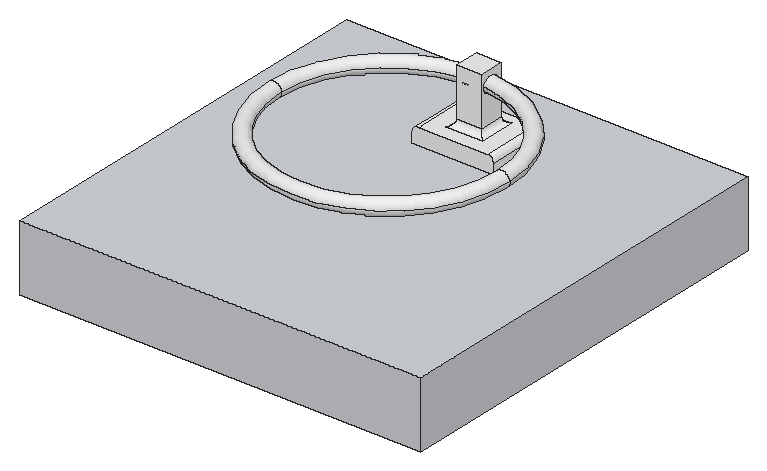
Revit family
Parameters (values of type "934")
  Width = 6.000"
  Warranty Information = "Complete Unit 1 Year Warranty. This Warranty does not cover installation or any other labor charges and does not apply to any units which have been damaged by abuse, improper installation, imporper maintanence, or altered in any way."
  Version = "1.0"
  Unit Material = Metal - Bradley Corp - Chrome
  URL = "http://www.bradleycorp.com/"
  Type Comments = ""
  Technical Data = "n/a"
  Percentage of Recycled Content = 0
  OmniClass Title = "Towel Bars"
  OmniClass Code = "23.31. 25.25"
  Modeling Code = "n/a"
  Model = "934"
  Material Note = "n/a"
  Material = "ZAMAC "
  MasterFormat Title = "Toilet, Bath, and Laundry Accessories "
  MasterFormat Number = "10 28 00  "
  Manufacturer = "Bradley Corporation"
  Low Emitting Material = no
  LEED Credit = ""
  Installation Type = "Wall Mounted"
  Industry Standards = "n/a"
  Height = 6.000"
  Fire Rating = "n/a"
  Description = "Towel Ring with Chrome-Plated Ring"
  Depth = 1.750"
  Default Elevation = 48.000"
  Copyright = "This Model is Property of Bradley Corporation"
  Complies to NAFTA = "n/a"
  Buy American Act = "To Be Determined"
  Assembly Code = "C1030200"
  ADA Compliant = "No"
Reference planes (in)
  plane 1 "Center (Front/Back)": y = 0
  plane 2: z = 0
  plane 3 "Center (Left/Right)": x = 0
  plane 4 "Top": y = 3
  plane 5 "Bottom": y = -3
  plane 6 "Left": x = -3
  plane 7 "Right": x = 3
  plane 8 "Front": z = 1.75
Forms (in)
  Extrusion 1, solid
    sketch origin (0, 0, 0) x (1, 0, 0) y (0, 1, 0)
      loop
        line (-5, 5) -> (-5, -5.07871) -> (4.86411, -5.07871) -> (4.86411, 5) -> (-5, 5)
    from 0 to -1.63994
  Extrusion 2, solid, material "Metal - Bradley Corp - Chrome" <- "Unit Material", detail levels fine
    sketch origin (0.00122, 2.5, 0) x (1, 0, 0) y (0, 0, 1)
      loop
        line (-1, 0) -> (1, 0) -> (1, 0.25)
        arc (1, 0.25) -> (0.95607, 0.35607) -> (0.85, 0.4) r 0.15
        line (0.85, 0.4) -> (-0.85, 0.4)
        arc (-0.85, 0.4) -> (-0.95607, 0.35607) -> (-1, 0.25) r 0.15
        line (-1, 0.25) -> (-1, 0)
    from -1 to 0.5
  Extrusion 3, solid, material "Metal - Bradley Corp - Chrome" <- "Unit Material", detail levels coarse+medium
    sketch origin (0.00122, 3, 0) x (1, 0, 0) y (0, 0, 1)
      loop
        line (1, 0) -> (1, 0.4) -> (-1, 0.4) -> (-1, 0) -> (1, 0)
    from -0.5 to 1
  Sweep 4, solid, material "Metal - Bradley Corp - Chrome" <- "Unit Material", detail levels fine
    path origin (0, 0, 0) x (1, 0, 0) y (0, 1, 0)
      loop
        circle (0, 0) r 3
    profile origin (0, 3, 0) x (0, -1, 0) y (0, 0, 1)
      loop
        circle (0.1875, 1.42157) r 0.1875
  Extrusion 5, solid, material "Metal - Bradley Corp - Chrome" <- "Unit Material", detail levels fine
    sketch origin (0, 0, 0) x (0, 1, 0) y (0, 0, 1)
      loop
        line (3.11173, 1.75) -> (2.51173, 1.75) -> (2.51173, 0.55)
        arc (2.51173, 0.55) -> (2.4678, 0.44393) -> (2.36173, 0.4) r 0.15
        line (2.36173, 0.4) -> (3.26173, 0.4)
        arc (3.26173, 0.4) -> (3.15567, 0.44393) -> (3.11173, 0.55) r 0.15
        line (3.11173, 0.55) -> (3.11173, 1.75)
      loop
        line (2.81173, 1.60901) -> (2.73687, 1.60901)
        arc (2.73687, 1.60901) -> (2.54938, 1.42025) -> (2.73939, 1.23402) r 0.1875
        line (2.73939, 1.23402) -> (2.81425, 1.23402)
        arc (2.81425, 1.23402) -> (2.99923, 1.42276) -> (2.81173, 1.60901) r 0.1875
    from -0.45 to 0.45
  Extrusion 6, void
    sketch origin (0, 0, 0) x (1, 0, 0) y (0, 0, 1)
      loop
        arc (0.3, 0.55) -> (0.34393, 0.44393) -> (0.45, 0.4) r 0.15
        line (0.45, 0.4) -> (1.00122, 0.4) -> (1.00122, 2.3574) -> (-0.99878, 2.3574) -> (-0.99878, 0.4) -> (-0.45, 0.4)
        arc (-0.45, 0.4) -> (-0.34393, 0.44393) -> (-0.3, 0.55) r 0.15
        line (-0.3, 0.55) -> (-0.3, 2.0043) -> (0.3, 2.0043) -> (0.3, 0.55)
    from -3.5 to -2
  Extrusion 7, solid, material "Metal - Bradley Corp - Chrome" <- "Unit Material", detail levels coarse+medium
    sketch origin (0, 0, 0) x (0, 1, 0) y (0, 0, 1)
      loop
        line (2.51173, 1.75) -> (2.51173, 0.4) -> (3.11118, 0.4) -> (3.11118, 1.75) -> (2.51173, 1.75)
    from -0.3 to 0.3
  Extrusion 8, solid, material "Metal - Bradley Corp - Chrome" <- "Unit Material", detail levels coarse+medium
    sketch origin (0, 0, 0) x (1, 0, 0) y (0, 1, 0)
      loop
        circle (0, 0) r 3
      loop
        circle (0, 0) r 2.63289
    from 1.23402 to 1.60901
Cuts and joins
  Extrusion 6 cuts Extrusion 5
Dimensions and locks (in)
  equal spacing: plane 4 "Top", plane 1 "Center (Front/Back)", plane 5 "Bottom"
  "Height": plane 4 "Top" to plane 5 "Bottom"
  equal spacing: plane 7 "Right", plane 3 "Center (Left/Right)", plane 6 "Left"
  "Width": plane 7 "Right" to plane 6 "Left"
  "Depth": plane 8 "Front" to plane 2
  aligned and locked: plane 2 to Extrusion 1
  aligned and locked: level to Extrusion 1
Automatic sketch dimensions
  Extrusion 1 sketch curve to Extrusion 1 sketch curve = 9.86411"
  Extrusion 1 sketch curve to Extrusion 1 sketch curve = 10.07871"
  Extrusion 2 sketch curve to level = 0.000"
  level to Extrusion 2 sketch curve = 0.250"  (x2)
  Extrusion 2 sketch curve to plane 3 "Center (Left/Right)" = 0.99878"
  Extrusion 2 sketch curve to Extrusion 2 sketch curve = 0.150"
  plane 3 "Center (Left/Right)" to Extrusion 2 sketch curve = 0.85122"
  Extrusion 3 sketch curve to level = 0.000"
  Extrusion 3 sketch curve to plane 3 "Center (Left/Right)" = 0.99878"
  level to Extrusion 3 sketch curve = 0.400"
  plane 3 "Center (Left/Right)" to Extrusion 3 sketch curve = 1.00122"
  Sweep 4 sketch curve to plane 1 "Center (Front/Back)" = 0.000"
  Sweep 4 sketch curve to plane 3 "Center (Left/Right)" = 0.000"
  Sweep 4 sketch curve to profile plane = 0.1875"
  level to Sweep 4 sketch curve = 1.42157"
  level to Extrusion 6 sketch curve = 0.400"  (x2)
  Extrusion 6 sketch curve to plane 3 "Center (Left/Right)" = 0.99878"
  Extrusion 6 sketch curve to plane 3 "Center (Left/Right)" = 0.450"
  Extrusion 6 sketch curve to plane 3 "Center (Left/Right)" = 0.300"
  plane 3 "Center (Left/Right)" to Extrusion 6 sketch curve = 0.300"
  Extrusion 6 sketch curve to Extrusion 6 sketch curve = 0.150"
  Extrusion 6 sketch curve to Extrusion 6 sketch curve = 0.70122"
  plane 8 "Front" to Extrusion 6 sketch curve = 0.2543"
  plane 8 "Front" to Extrusion 6 sketch curve = 0.6074"
  Extrusion 5 sketch curve to plane 8 "Front" = 0.000"
  level to Extrusion 5 sketch curve = 0.400"
  Extrusion 5 sketch curve to plane 4 "Top" = 0.63827"
  Extrusion 5 sketch curve to Extrusion 5 sketch curve = 0.000"
  Extrusion 5 sketch curve to Extrusion 5 sketch curve = 0.150"  (x2)
  Extrusion 5 sketch curve to plane 4 "Top" = 0.26313"
  Extrusion 5 sketch curve to Extrusion 5 sketch curve = 0.00252"
  Extrusion 5 sketch curve to Extrusion 5 sketch curve = 0.07486"  (x2)
  plane 4 "Top" to Extrusion 5 sketch curve = 0.11173"
  Extrusion 5 sketch curve to plane 8 "Front" = 0.51598"
  Extrusion 5 sketch curve to Extrusion 5 sketch curve = 0.18748"
  Extrusion 7 sketch curve to plane 8 "Front" = 0.000"
  Extrusion 7 sketch curve to plane 4 "Top" = 0.48827"
  plane 4 "Top" to Extrusion 7 sketch curve = 0.11118"
  level to Extrusion 7 sketch curve = 0.400"
  Extrusion 8 sketch curve to Extrusion 8 sketch curve = 0.000"  (x2)
  Extrusion 8 sketch curve to plane 1 "Center (Front/Back)" = 0.000"
  Extrusion 8 sketch curve to plane 3 "Center (Left/Right)" = 0.000"
  radius of Sweep 4 sketch curve = 3.000"
  radius of Sweep 4 sketch curve = 0.1875"
  radius of Extrusion 8 sketch curve = 3.000"
  radius of Extrusion 8 sketch curve = 2.63289"
